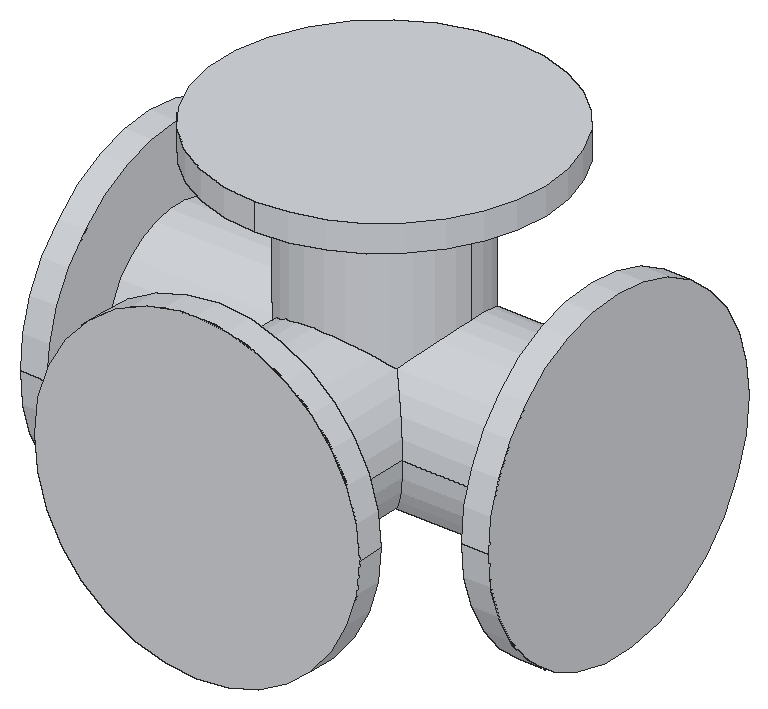
Revit family "07934baddbb9471d80eb5eaed3449bb4", category Pipe Fittings, Revit 2021
Family settings
  Round Connector Dimension = Use Radius
  Part Type = Multi Port
  OmniClass Number = 23.60.30.11.14
  OmniClass Title = Pipework Fittings
  Seek Item ID = Tee Side-Outlet - Flanged - GI - Class 25-0000-USA-ENU
  Work Plane-Based = No
  Always vertical = Yes
  Cut with Voids When Loaded = No
  Shared = No
Parameters (values of type "Standard")
  Tick Size [instance] = Flange Diameter * 0.4  # 3.6063"
  Loss Method = Not Defined
  Lookup Table Name = "Tee Side-Outlet - Flanged - GI - Class 25"
  Length 8 [instance] = Length 1 * sin(Angle 2)  # 6.49606"
  Length 7 [instance] = Length 4 + Length 1 * cos(Angle 2)  # 12.99213"
  Length 6 [instance] = Length 1 * sin(Angle 1)  # 6.49606"
  Length 5 [instance] = Length 4 + Length 1 * cos(Angle 1)  # 12.99213"
  Length 4 [instance] = 2 * Length 1  # 12.99213"
  Fitting Outside Radius [instance] = Fitting Outside Diameter / 2  # 2.44094"
  Fitting Outside Diameter [instance] = Fitting Inside Diameter + Wall Thickness * 2  # 4.88189"
  Length 1 [instance] = if((Center to Face - Flange Thickness) * tan(Angle 5 / 2) > Flange Radius, Center to Face, Flange Radius / tan(Angle 5 / 2) + Flange Thickness)  # 6.49606"
  Default Elevation = 0' - 0"
  Center to Face [instance] = size_lookup(Lookup Table Name, "CtF", 0.67 * Nominal Diameter + 4 89/256", Nominal Diameter)  # 6.49606"
  Nominal Radius [instance] = 2"
  Nominal Diameter [instance] = Nominal Radius * 2  # 4"
  Wall Thickness [instance] = size_lookup(Lookup Table Name, "WThk", 0.02 * Nominal Diameter + 21/64", Nominal Diameter)  # 0.43307"
  Length 2 [instance] = Length 1 - Flange Thickness  # 5.74803"
  Fitting Inside Diameter [instance] = size_lookup(Lookup Table Name, "FID", 1.02 * Nominal Diameter - 0", Nominal Diameter)  # 4.01575"
  Flange Thickness [instance] = size_lookup(Lookup Table Name, "FThk", 0.03 * Nominal Diameter + 169/256", Nominal Diameter)  # 0.74803"
  Flange Radius [instance] = Flange Diameter / 2  # 4.50787"
  Flange Diameter [instance] = size_lookup(Lookup Table Name, "FDia", 1.16 * Nominal Diameter + 4 11/16", Nominal Diameter)  # 9.01575"
  Angle 5 [instance] = if(Angle 3 < Angle 4, Angle 3, Angle 4)  # 90.00°
  Angle 4 [instance] = if(Angle 2 > 90.00°, 180.00° - Angle 2, Angle 2)  # 90.00°
  Angle 3 [instance] = if(Angle 1 > 90.00°, 180.00° - Angle 1, Angle 1)  # 90.00°
  Angle 2 [instance] = 90.00°
  Angle 1 [instance] = 90.00°
Reference planes (in)
  plane 1 "Center (Front/Back)": y = 0
  plane 2: z = 0
  plane 3 "Center (Left/Right)": x = 0
  plane 4: x = -5.74803
  plane 5: x = 5.74803
  plane 6: x = -6.49606
  plane 7: x = 6.49606
  plane 8: x = -5.74803
  plane 9: x = 5.74803
  plane 10: y = 3.6063
  plane 11: y = -3.6063
  plane 12: x = -12.99213
  plane 13: x = 0
  plane 14: y = -6.49606
  plane 15: x = 0
  plane 16: z = 6.49606
Forms (in)
  Sweep 1, solid, detail levels fine
    path in 3D
      loop
        line (-6.49606, 0, 0) -> (-5.74803, 0, 0)
    profile origin (-6.12205, 0, 0) x (0, 1, 0) y (0, 0, 1)
      loop
        circle (0, 0) r 4.50787
  Sweep 2, solid, detail levels fine
    path in 3D
      loop
        line (5.74803, 0, 0) -> (6.49606, 0, 0)
    profile origin (6.12205, 0, 0) x (0, 1, 0) y (0, 0, 1)
      loop
        circle (0, 0) r 4.50787
  Sweep 3, solid, detail levels fine
    path in 3D
      loop
        line (-5.74803, 0, 0) -> (5.74803, 0, 0)
    profile origin (0, 0, 0) x (0, 1, 0) y (0, 0, 1)
      loop
        circle (0, 0) r 2.44094
  Sweep 4, solid, detail levels fine
    path in 3D
      loop
        line (0, 0, 0) -> (0, -5.74803, 0)
    profile origin (0, -2.87402, 0) x (1, 0, 0) y (0, 0, 1)
      loop
        circle (0, 0) r 2.44094
  Sweep 5, solid, detail levels fine
    path in 3D
      loop
        line (0, -6.49606, 0) -> (0, -5.74803, 0)
    profile origin (0, -6.12205, 0) x (-1, 0, 0) y (0, 0, 1)
      loop
        circle (0, 0) r 4.50787
  Sweep 6, solid, detail levels fine
    path in 3D
      loop
        line (0, 0, 0) -> (0, 0, 5.74803)
    profile origin (0, 0, 2.87402) x (-1, 0, 0) y (0, -1, 0)
      loop
        circle (0, 0) r 2.44094
  Sweep 7, solid, detail levels fine
    path in 3D
      loop
        line (0, 0, 6.49606) -> (0, 0, 5.74803)
    profile origin (0, 0, 6.12205) x (0, -1, 0) y (1, 0, 0)
      loop
        circle (0, 0) r 4.50787
Cuts and joins
  joined: Sweep 1, Sweep 2, Sweep 3, Sweep 4, Sweep 5, Sweep 6, Sweep 7
Lines and regions (in)
  model lines, detail levels coarse+medium
    curve 1: line (0, 0, 0) -> (0, -5.74803, 0)
    curve 2: line (0, -6.49606, 0) -> (0, -5.74803, 0)
    curve 3: line (-5.74803, 0, 0) -> (5.74803, 0, 0)
    curve 4: line (-6.49606, 0, 0) -> (-5.74803, 0, 0)
    curve 5: line (5.74803, 0, 0) -> (6.49606, 0, 0)
    curve 13: line (-6.49606, 3.6063, 0) -> (-6.49606, -3.6063, 0)
    curve 14: line (6.49606, 3.6063, 0) -> (6.49606, -3.6063, 0)
    curve 15: line (0, -6.49606, 0) -> (-3.6063, -6.49606, 0)
    curve 16: line (0, -6.49606, 0) -> (3.6063, -6.49606, 0)
    curve 17: line (0, 0, 0) -> (0, 0, 5.74803)
    curve 18: line (0, 0, 6.49606) -> (0, 0, 5.74803)
    curve 21: line (0, 0, 6.49606) -> (-3.6063, 0, 6.49606)
    curve 22: line (0, 0, 6.49606) -> (3.6063, 0, 6.49606)
  sketch lines
    curve 6: line (-6.49606, 0, 0) -> (-5.74803, 0, 0)
    curve 7: line (5.74803, 0, 0) -> (6.49606, 0, 0)
    curve 8: line (-5.74803, 0, 0) -> (5.74803, 0, 0)
    curve 9: line (0, 0, 0) -> (0, -5.74803, 0)
    curve 10: line (0, -6.49606, 0) -> (0, -5.74803, 0)
    curve 19: line (0, 0, 0) -> (0, 0, 5.74803)
    curve 20: line (0, 0, 6.49606) -> (0, 0, 5.74803)
  reference lines
    curve 11: line (-6.49606, 0, 0) -> (-5.74803, 0, 0)
    curve 12: line (5.74803, 0, 0) -> (6.49606, 0, 0)
Dimensions and locks (in)
  "Flange Thickness": plane 6 to plane 4
  "Flange Thickness": plane 5 to plane 7
  "Tick Size": plane 1 "Center (Front/Back)" to plane 10
  "Tick Size": plane 11 to plane 1 "Center (Front/Back)"
  equal spacing: plane 6, plane 3 "Center (Left/Right)", plane 7
  "Length 1": plane 6 to plane 3 "Center (Left/Right)"
  "Length 2": curve 1 to curve 1
  "Length 4": plane 12 to plane 3 "Center (Left/Right)"
  "Length 5": plane 12 to plane 13
  "Length 6": plane 1 "Center (Front/Back)" to plane 14
  "Flange Thickness": curve 2 to curve 2
  "Tick Size": curve 15 to curve 15
  "Tick Size": curve 16 to curve 16
  "Length 7": plane 15 to plane 12
  "Length 8": plane 16 to plane 2
  "Length 2": curve 17 to curve 17
  "Flange Thickness": curve 18 to curve 18
  "Tick Size": curve 21 to curve 21
  "Tick Size": curve 22 to curve 22
  "Flange Radius": radius of Sweep 1 sketch curve
  "Flange Radius": radius of Sweep 2 sketch curve
  "Fitting Outside Radius": radius of Sweep 3 sketch curve
  "Fitting Outside Radius": radius of Sweep 4 sketch curve
  "Flange Radius": radius of Sweep 5 sketch curve
  "Fitting Outside Radius": radius of Sweep 6 sketch curve
  "Flange Radius": radius of Sweep 7 sketch curve
  "Angle 1": angle curve 1 to plane 1 "Center (Front/Back)"
  "Angle 1": angle curve 2 to plane 1 "Center (Front/Back)"
  locked: curve 2 to curve 15 (angle 90.00°)
  locked: curve 16 to curve 2 (angle 90.00°)
  "Angle 2": angle plane 2 to curve 17
  "Angle 2": angle plane 2 to curve 18
  locked: curve 21 to curve 18 (angle 90.00°)
  locked: curve 18 to curve 22 (angle 90.00°)
  aligned and locked: plane 3 "Center (Left/Right)" to curve 1
  aligned and locked: plane 4 to curve 3
  aligned and locked: plane 1 "Center (Front/Back)" to curve 3
  aligned and locked: plane 6 to curve 4
  aligned and locked: plane 1 "Center (Front/Back)" to curve 4
  aligned and locked: plane 7 to curve 5
  aligned and locked: plane 5 to curve 5
  aligned and locked: plane 1 "Center (Front/Back)" to curve 5
  aligned and locked: plane 6 to curve 11
  aligned and locked: plane 8 to curve 11
  aligned and locked: plane 1 "Center (Front/Back)" to curve 11
  aligned and locked: plane 7 to curve 12
  aligned and locked: plane 9 to curve 12
  aligned and locked: plane 1 "Center (Front/Back)" to curve 12
  aligned and locked: plane 10 to curve 13
  aligned and locked: plane 11 to curve 13
  aligned and locked: curve 13 to plane 6
  aligned and locked: plane 10 to curve 14
  aligned and locked: plane 11 to curve 14
  aligned and locked: plane 7 to curve 14
  aligned and locked: plane 2 to curve 17
  aligned and locked: plane 3 "Center (Left/Right)" to curve 17
Automatic sketch dimensions
  Sweep 1 sketch curve to profile plane = 0' - 0"  (x2)
  Sweep 2 sketch curve to profile plane = 0' - 0"  (x2)
  Sweep 3 sketch curve to profile plane = 0' - 0"  (x2)
  profile plane to Sweep 4 sketch curve = 0' - 0"
  Sweep 4 sketch curve to profile plane = 0' - 0"
  Sweep 5 sketch curve to profile plane = 0' - 0"  (x2)
  Sweep 6 sketch curve to profile plane = 0' - 0"
  profile plane to Sweep 6 sketch curve = 0' - 0"
  Sweep 7 sketch curve to profile plane = 0' - 0"
  profile plane to Sweep 7 sketch curve = 0' - 0"
Connectors (in)
  piping at (-6.49606, 0, 0), diameter 4, driven by "Nominal Radius"
    settings: on cut or joined group of Sweep 1, Sweep 2, Sweep 3, Sweep 4, Sweep 5, Sweep 6, Sweep 7, index 1, connector inside diameter 4", connector length 0' - 0", flow factor 0, pipe flow 0 GPM, pressure drop 0.00 psi, fitting loss kfactor 0, connector angle 0.00°, fixture units 0, engagement length 0' - 0", angle of deflection 0.00°, flow configuration 0, flow direction 0, fitting loss method 0, system type 28, joint type 0, gender type 0, connector reference index 2, connector utility 0, adjustable connector no, is connector primary yes, connector description ""
  piping at (6.49606, 0, 0), diameter 4, driven by "Nominal Radius"
    settings: on cut or joined group of Sweep 1, Sweep 2, Sweep 3, Sweep 4, Sweep 5, Sweep 6, Sweep 7, index 2, connector inside diameter 4", connector length 0' - 0", flow factor 0, pipe flow 0 GPM, pressure drop 0.00 psi, fitting loss kfactor 0, connector angle 0.00°, fixture units 0, engagement length 0' - 0", angle of deflection 0.00°, flow configuration 0, flow direction 0, fitting loss method 0, system type 28, joint type 0, gender type 0, connector reference index 1, connector utility 0, adjustable connector no, is connector primary no, connector description ""
  piping at (0, -6.49606, 0), diameter 4, driven by "Nominal Radius", driven by "Angle 1"
    settings: on cut or joined group of Sweep 1, Sweep 2, Sweep 3, Sweep 4, Sweep 5, Sweep 6, Sweep 7, index 3, connector inside diameter 4", connector length 0' - 0", flow factor 0, pipe flow 0 GPM, pressure drop 0.00 psi, fitting loss kfactor 0, connector angle 90.00°, fixture units 0, engagement length 0' - 0", angle of deflection 0.00°, flow configuration 0, flow direction 0, fitting loss method 0, system type 28, joint type 0, gender type 0, connector reference index -1, connector utility 0, adjustable connector no, is connector primary no, connector description ""
  piping at (0, 0, 6.49606), diameter 4, driven by "Nominal Radius", driven by "Angle 2"
    settings: on cut or joined group of Sweep 1, Sweep 2, Sweep 3, Sweep 4, Sweep 5, Sweep 6, Sweep 7, index 4, connector inside diameter 4", connector length 0' - 0", flow factor 0, pipe flow 0 GPM, pressure drop 0.00 psi, fitting loss kfactor 0, connector angle 90.00°, fixture units 0, engagement length 0' - 0", angle of deflection 0.00°, flow configuration 0, flow direction 0, fitting loss method 0, system type 28, joint type 0, gender type 0, connector reference index -1, connector utility 0, adjustable connector no, is connector primary no, connector description ""
